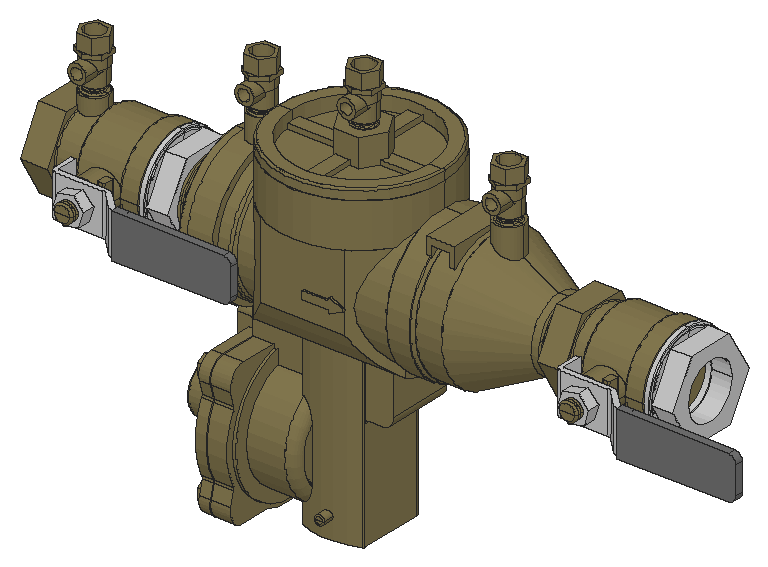
Revit family "FRP1.50-QT-LL 1.50in FRP", category Plumbing Fixtures, Revit 2018
Family settings
  Round Connector Dimension = Use Diameter
  Part Type = Normal
  Work Plane-Based = No
  Always vertical = Yes
  Cut with Voids When Loaded = No
  Shared = No
  Room Calculation Point = No
Parameters (values of type "FRP1.50-QT-LL 1.50in FRP")
  URL = "WWW.MIFAB.COM"
  Model = "FRP1.50-QT-LL 1.50in FRP"
  Manufacturer = "MIFAB"
  Description = "FRIENDLY REDUCED PRESSURE ZONE BACKFLOW 1/2” TO 2” -LL"
Reference planes (in)
  plane 1 "Center (Front/Back)": y = 0
  plane 2: z = 0
  plane 3 "Center (Left/Right)": x = 0
  plane 4: x = -2.105
  plane 5: z = 4.215
Forms (in)
  Revolve 1, solid, material "B Material"
    sketch origin (-1.73533, 0, 3.31709) x (1, 0, 0) y (0, 0, 1)
      loop
        line (-4.5376, 4.275) -> (-4.16181, 4.275) -> (-4.15731, 4.75224) -> (-4.17645, 4.78287) -> (-4.21287, 4.78322) -> (-4.26872, 4.80245) -> (-4.30895, 4.83276) -> (-4.26595, 4.85963) -> (-4.30603, 4.88983) -> (-4.26683, 4.91068) -> (-4.26683, 4.94983)
        arc (-4.26683, 4.94983) -> (-4.26109, 4.96367) -> (-4.24724, 4.96941) r 0.01958
        line (-4.24724, 4.96941) -> (-4.20226, 4.96941) -> (-4.20226, 5.40248) -> (-4.5376, 5.40248) -> (-4.5376, 4.275)
      axis (-4.5376, 4.275) -> (-4.5376, 5.40248)
    angle from 0 to 360
  Extrusion 2, solid, material "B Material"
    sketch origin (-2.85617, -3.40993, -0.65383) x (0, -1, 0) y (1, 0, 0)
      loop
        line (-2.97692, -3.41676) -> (-3.19343, -3.04176) -> (-3.62644, -3.04176) -> (-3.84295, -3.41676) -> (-3.62644, -3.79176) -> (-3.19343, -3.79176) -> (-2.97692, -3.41676)
    from 9.64899 to 9.7671
  Extrusion 3, solid, material "B Material"
    sketch origin (-4.67033, 0, 2.81913) x (1, 0, 0) y (0, 0, 1)
      loop
        circle (-1.598, 5.8905) r 0.16
      loop
        circle (-1.598, 5.8905) r 0.25
    from 0 to 0.6
  Revolve 4, solid, material "B Material"
    sketch origin (0.93299, 0, 0.25) x (1, 0, 0) y (0, 0, 1)
      loop
        line (5.89608, 6.3545) -> (-3.42499, 6.3545) -> (-3.42499, 4.46558)
        arc (-3.42499, 4.46558) -> (-3.41525, 4.44117) -> (-3.39138, 4.43016) r 0.03547
        line (-3.39138, 4.43016) -> (-3.18799, 4.4195) -> (-2.51799, 4.4195) -> (-2.51799, 4.59681) -> (-2.18879, 4.59681)
        arc (-2.18879, 4.59681) -> (-2.14596, 4.60613) -> (-2.11086, 4.63241) r 0.10309
        line (-2.11086, 4.63241) -> (-2.05692, 4.69468) -> (-1.5701, 4.69468) -> (0.32398, 4.69468) -> (0.32398, 4.5045) -> (2.10201, 4.5045) -> (2.18701, 4.4195) -> (2.79575, 4.4195)
        arc (2.79575, 4.4195) -> (2.81077, 4.42249) -> (2.82351, 4.431) r 0.03927
        line (2.82351, 4.431) -> (2.88445, 4.49194)
        arc (2.88445, 4.49194) -> (2.89836, 4.50124) -> (2.91478, 4.5045) r 0.04289
        line (2.91478, 4.5045) -> (3.59901, 4.5045) -> (5.28488, 5.3877) -> (5.50558, 5.3946) -> (5.53065, 5.43042) -> (5.56694, 5.43042) -> (5.60513, 5.49656) -> (5.64808, 5.43042) -> (5.68815, 5.49981) -> (5.73081, 5.43411) -> (5.77049, 5.50285) -> (5.80524, 5.44016) -> (5.8392, 5.49897) -> (5.87104, 5.44154) -> (5.89608, 5.46658) -> (5.89608, 6.3545)
      axis (-3.42499, 6.3545) -> (5.89608, 6.3545)
    angle from 0 to 360
  Revolve 5, solid, material "B Material"
    sketch origin (0.52094, 0, 2.95442) x (1, 0, 0) y (0, 0, 1)
      loop
        line (2.62181, 6.21908) -> (2.56191, 6.21908) -> (2.61506, 6.23332) -> (2.6112, 6.45411)
        arc (2.6112, 6.45411) -> (2.596, 6.4895) -> (2.56036, 6.50408) r 0.05085
        line (2.56036, 6.50408) -> (2.22181, 6.50408) -> (2.22181, 6.13408) -> (0.3661, 6.13408) -> (0.3661, 5.02437) -> (2.62181, 5.02437) -> (2.62181, 6.21908)
      axis (0.3661, 6.50408) -> (0.3661, 5.02437)
    angle from 0 to 360
  Extrusion 6, solid, material "B Material"
    sketch origin (-0.15214, -3.41032, 1.84939) x (0, -1, 0) y (1, 0, 0)
      loop
        arc (-1.56659, 0.8287) -> (-1.55469, 1.02175) -> (-1.56296, 1.215) r 1.85571
        line (-1.56296, 1.215) -> (-3.21737, 1.215) -> (-3.21737, 2.87511)
        arc (-3.21737, 2.87511) -> (-3.41068, 2.89489) -> (-3.60368, 2.87228) r 0.89068
        line (-3.60368, 2.87228) -> (-3.60368, 1.21434) -> (-5.25774, 1.21434)
        arc (-5.25774, 1.21434) -> (-5.26594, 1.02142) -> (-5.25405, 0.8287) r 1.85571
        line (-5.25405, 0.8287) -> (-3.60368, 0.8287) -> (-3.60368, -0.80642)
        arc (-3.60368, -0.80642) -> (-3.41053, -0.81653) -> (-3.21737, -0.80647) r 1.85571
        line (-3.21737, -0.80647) -> (-3.21737, 0.8287) -> (-1.56659, 0.8287)
    from 7.37052 to 7.23911
  Revolve 7, solid, material "B Material"
    sketch origin (-0.53327, 0, 2.6395) x (1, 0, 0) y (0, 0, 1)
      loop
        line (-2.64921, 4.88388) -> (-2.67881, 4.91675) -> (-2.70959, 4.88162) -> (-2.73919, 4.91449) -> (-2.77125, 4.87645) -> (-2.80371, 4.9125) -> (-2.85618, 4.85026) -> (-2.90243, 4.90163) -> (-2.94123, 4.8556) -> (-2.94123, 3.965) -> (-2.15654, 3.965) -> (-2.15654, 5.03864)
        arc (-2.15654, 5.03864) -> (-2.16641, 5.01429) -> (-2.19045, 5.00366) r 0.035
        line (-2.19045, 5.00366) -> (-2.49293, 4.99421) -> (-2.54895, 4.93819) -> (-2.58284, 4.87948) -> (-2.61843, 4.919) -> (-2.64921, 4.88388)
      axis (-2.94123, 3.965) -> (-2.15654, 3.965)
    angle from 0 to 360
  Extrusion 8, solid, material "B Material"
    sketch origin (2.385, 0, 3.609) x (1, 0, 0) y (0, 0, 1)
      loop
        arc (1.235, 4.223) -> (1.23886, 4.17689) -> (1.25032, 4.13206) r 0.27759
        arc (1.25032, 4.13206) -> (1.261, 4.1178) -> (1.27797, 4.11238) r 0.02927
        line (1.27797, 4.11238) -> (1.32914, 4.11238)
        arc (1.32914, 4.11238) -> (1.34656, 4.11795) -> (1.3575, 4.1326) r 0.02999
        arc (1.3575, 4.1326) -> (1.36712, 4.16798) -> (1.372, 4.20433) r 0.27759
        line (1.372, 4.20433) -> (1.372, 4.76148) -> (1.848, 4.76148) -> (1.848, 4.20433)
        arc (1.848, 4.20433) -> (1.85288, 4.16798) -> (1.8625, 4.1326) r 0.27759
        arc (1.8625, 4.1326) -> (1.87344, 4.11795) -> (1.89086, 4.11238) r 0.02999
        line (1.89086, 4.11238) -> (1.94611, 4.11238)
        arc (1.94611, 4.11238) -> (1.96081, 4.11771) -> (1.96865, 4.13124) r 0.02289
        arc (1.96865, 4.13124) -> (1.97323, 4.16056) -> (1.97652, 4.19006) r 0.6798
        arc (1.97652, 4.19006) -> (1.98288, 4.26287) -> (1.985, 4.33592) r 1.25932
        line (1.985, 4.33592) -> (1.985, 4.9505) -> (1.235, 4.9505) -> (1.235, 4.223)
    from -1.2 to 1.2
  Extrusion 9, solid, material "B Material"
    sketch origin (0, 0, 0) x (0, 1, 0) y (0, 0, 1)
      loop
        line (1.14998, 1.47142) -> (1.2937, 2.0078)
        arc (1.2937, 2.0078) -> (1.30008, 2.03987) -> (1.30222, 2.0725) r 0.25
        arc (1.30222, 2.0725) -> (1.25056, 2.22469) -> (1.11693, 2.31398) r 0.25
        line (1.11693, 2.31398) -> (0.58055, 2.4577)
        arc (0.58055, 2.4577) -> (0.45959, 2.51917) -> (0.33222, 2.56597) r 1.15
        arc (0.33222, 2.56597) -> (0.2283, 2.63974) -> (0.19004, 2.76132) r 0.2
        arc (0.19004, 2.76132) -> (0, 2.955) -> (-0.18996, 2.76132) r 0.19
        arc (-0.18996, 2.76132) -> (-0.2283, 2.63974) -> (-0.33222, 2.56597) r 0.2
        arc (-0.33222, 2.56597) -> (-0.45959, 2.51917) -> (-0.58055, 2.4577) r 1.15
        line (-0.58055, 2.4577) -> (-1.11693, 2.31398)
        arc (-1.11693, 2.31398) -> (-1.26873, 2.1975) -> (-1.2937, 2.0078) r 0.25
        line (-1.2937, 2.0078) -> (-1.14998, 1.47142)
        arc (-1.14998, 1.47142) -> (-0.99593, 0.89) -> (-0.56943, 0.46587) r 1.15
        line (-0.56943, 0.46587) -> (-0.17678, 0.07322)
        arc (-0.17678, 0.07322) -> (0, 0) -> (0.17678, 0.07322) r 0.25
        line (0.17678, 0.07322) -> (0.56943, 0.46587)
        arc (0.56943, 0.46587) -> (0.99593, 0.89) -> (1.14998, 1.47142) r 1.15
    from -1.989 to -1.699
  Extrusion 10, solid, material "B Material"
    sketch origin (-3.378, 0, 0) x (0, 1, 0) y (0, 0, -1)
      loop
        arc (1.14998, -1.47142) -> (0.99593, -0.89) -> (0.56943, -0.46587) r 1.15
        line (0.56943, -0.46587) -> (0.17678, -0.07322)
        arc (0.17678, -0.07322) -> (0, 0) -> (-0.17678, -0.07322) r 0.25
        line (-0.17678, -0.07322) -> (-0.56943, -0.46587)
        arc (-0.56943, -0.46587) -> (-0.99593, -0.89) -> (-1.14998, -1.47142) r 1.15
        line (-1.14998, -1.47142) -> (-1.2937, -2.0078)
        arc (-1.2937, -2.0078) -> (-1.26873, -2.1975) -> (-1.11693, -2.31398) r 0.25
        line (-1.11693, -2.31398) -> (-0.58055, -2.4577)
        arc (-0.58055, -2.4577) -> (-0.45959, -2.51917) -> (-0.33222, -2.56597) r 1.15
        arc (-0.33222, -2.56597) -> (-0.2283, -2.63974) -> (-0.18996, -2.76132) r 0.2
        arc (-0.18996, -2.76132) -> (0, -2.955) -> (0.19004, -2.76132) r 0.19
        arc (0.19004, -2.76132) -> (0.2283, -2.63974) -> (0.33222, -2.56597) r 0.2
        arc (0.33222, -2.56597) -> (0.45959, -2.51917) -> (0.58055, -2.4577) r 1.15
        line (0.58055, -2.4577) -> (1.11693, -2.31398)
        arc (1.11693, -2.31398) -> (1.25056, -2.22469) -> (1.30222, -2.0725) r 0.25
        arc (1.30222, -2.0725) -> (1.30008, -2.03987) -> (1.2937, -2.0078) r 0.25
        line (1.2937, -2.0078) -> (1.14998, -1.47142)
    from -1.98935 to -1.689
  Revolve 11, solid, material "B Material"
    sketch origin (0, 0, 0) x (1, 0, 0) y (0, 0, 1)
      loop
        line (-3.205, 2.0675) -> (-3.205, 1.39184)
        arc (-3.205, 1.39184) -> (-3.1906, 1.35665) -> (-3.15567, 1.34164) r 0.05021
        line (-3.15567, 1.34164) -> (-2.21487, 1.32522)
        arc (-2.21487, 1.32522) -> (-2.17955, 1.31004) -> (-2.165, 1.27447) r 0.05076
        line (-2.165, 1.27447) -> (-2.165, 0.48772)
        arc (-2.165, 0.48772) -> (-2.14998, 0.45147) -> (-2.11373, 0.43645) r 0.05127
        line (-2.11373, 0.43645) -> (-1.905, 0.43645) -> (-1.905, 2.0675) -> (-3.205, 2.0675)
      axis (-1.905, 2.0675) -> (-3.205, 2.0675)
    angle from 0 to 360
  Extrusion 12, solid, material "B Material"
    sketch origin (0, 0, 0) x (0, 1, 0) y (0, 0, 1)
      loop
        line (0.19, 2.33146) -> (0.19, 2.76414)
        arc (0.19, 2.76414) -> (0, 2.95414) -> (-0.19, 2.76414) r 0.19
        line (-0.19, 2.76414) -> (-0.19, 2.33175)
        arc (-0.19, 2.33175) -> (-0.18414, 2.31761) -> (-0.17, 2.31175) r 0.02
        line (-0.17, 2.31175) -> (0.17029, 2.31175)
        arc (0.17029, 2.31175) -> (0.18423, 2.31753) -> (0.19, 2.33146) r 0.01971
    from -2.214 to -1.989
  Extrusion 13, void
    sketch origin (0, 0, 0) x (1, 0, 0) y (0, 0, 1)
      loop
        line (-2.16498, 2.30688) -> (-2.22823, 2.37012) -> (-2.22823, 2.30688) -> (-2.16498, 2.30688)
    from -0.22141 to 0.2264
  Extrusion 14, solid, material "B Material"
    sketch origin (0, 0, 0) x (0, 1, 0) y (0, 0, 1)
      loop
        line (0.87239, 2.05794) -> (0.97491, 1.90948) -> (1.15475, 1.92404) -> (1.23205, 2.08706) -> (1.12953, 2.23552) -> (0.9497, 2.22096) -> (0.87239, 2.05794)
      loop
        line (-0.87562, 2.03557) -> (-0.93194, 2.20698) -> (-1.10854, 2.24391) -> (-1.22882, 2.10943) -> (-1.1725, 1.93802) -> (-0.9959, 1.90109) -> (-0.87562, 2.03557)
      loop
        line (0.18022, 0.24154) -> (0.09744, 0.40185) -> (-0.08279, 0.41031) -> (-0.18022, 0.25846) -> (-0.09744, 0.09815) -> (0.08279, 0.08969) -> (0.18022, 0.24154)
    from -2.105 to -1.989
  Revolve 15, solid, material "B Material"
    sketch origin (0, 1.05372, 0) x (1, 0, 0) y (0, 0, 1)
      loop
        line (-1.364, 2.07317) -> (-1.989, 2.07317) -> (-1.989, 1.97673) -> (-1.39602, 1.97673) -> (-1.364, 2.00875) -> (-1.364, 2.07317)
      axis (-1.989, 2.07317) -> (-1.364, 2.07317)
    angle from 0 to 360
  Revolve 16, solid, material "B Material"
    sketch origin (0, -1.05667, 0) x (1, 0, 0) y (0, 0, 1)
      loop
        line (-1.364, 2.07317) -> (-1.989, 2.07317) -> (-1.989, 1.97673) -> (-1.39602, 1.97673) -> (-1.364, 2.00875) -> (-1.364, 2.07317)
      axis (-1.989, 2.07317) -> (-1.364, 2.07317)
    angle from 0 to 360
  Revolve 17, solid, material "B Material"
    sketch origin (0, 0, -1.8224) x (1, 0, 0) y (0, 0, 1)
      loop
        line (-1.364, 2.07317) -> (-1.989, 2.07317) -> (-1.989, 1.97673) -> (-1.39602, 1.97673) -> (-1.364, 2.00875) -> (-1.364, 2.07317)
      axis (-1.989, 2.07317) -> (-1.364, 2.07317)
    angle from 0 to 360
  Revolve 18, solid, material "B Material"
    sketch origin (4.23795, 0, -0.62357) x (1, 0, 0) y (0, 0, 1)
      loop
        line (-5.19295, 4.25641) -> (-5.19295, 4.61107) -> (-5.29295, 4.61107) -> (-5.29295, 2.69107) -> (-3.85779, 2.69107) -> (-3.85779, 3.95888)
        arc (-3.85779, 3.95888) -> (-3.94494, 4.16927) -> (-4.15533, 4.25641) r 0.29753
        line (-4.15533, 4.25641) -> (-5.19295, 4.25641)
      axis (-3.85779, 2.69107) -> (-5.29295, 2.69107)
    angle from 0 to 360
  Extrusion 19, solid, material "B Material"
    sketch origin (4.23795, 0, -0.62357) x (1, 0, 0) y (0, 0, 1)
      loop
        line (-1.75795, 5.3787) -> (-2.54295, 5.3787) -> (-2.54295, 3.83307)
        arc (-2.54295, 3.83307) -> (-2.51366, 3.90378) -> (-2.44295, 3.93307) r 0.1
        line (-2.44295, 3.93307) -> (-2.07155, 3.93307)
        arc (-2.07155, 3.93307) -> (-1.8498, 4.02492) -> (-1.75795, 4.24667) r 0.3136
        line (-1.75795, 4.24667) -> (-1.75795, 5.3787)
    from -0.87239 to 0.87562
  Revolve 20, solid, material "B Material"
    sketch origin (-13.39364, -0.28125, 0.80481) x (1, 0, 0) y (0, 1, 0)
      loop
        line (14.25427, -1.09549) -> (14.35827, -1.09549)
        arc (14.35827, -1.09549) -> (14.37312, -1.08934) -> (14.37927, -1.07449) r 0.021
        line (14.37927, -1.07449) -> (14.37927, -0.79317) -> (14.25427, -0.79317) -> (14.25427, -1.09549)
      loop
        line (14.25427, 1.64201) -> (14.25427, 1.33969) -> (14.37927, 1.33969) -> (14.37927, 1.621)
        arc (14.37927, 1.621) -> (14.37312, 1.63586) -> (14.35827, 1.64201) r 0.021
        line (14.35827, 1.64201) -> (14.25427, 1.64201)
      axis (14.25427, 1.64201) -> (14.25427, -1.09549)
    angle from 0 to 360
  Extrusion 21, solid, material "B Material"
    sketch origin (4.23795, 0, -0.62357) x (1, 0, 0) y (0, 0, 1)
      loop
        line (-4.19296, 4.17214) -> (-4.19296, 5.22272) -> (-5.36189, 5.22272) -> (-5.36189, 5.63619) -> (-5.39578, 5.63619) -> (-5.47111, 5.54953)
        arc (-5.47111, 5.54953) -> (-5.48452, 5.53951) -> (-5.50088, 5.53596) r 0.03944
        line (-5.50088, 5.53596) -> (-5.84295, 5.53596) -> (-5.84295, 4.63107) -> (-5.29295, 4.63107) -> (-5.29295, 4.17214) -> (-4.19296, 4.17214)
    from -0.5 to 0.50553
  Revolve 22, solid, material "B Material"
    sketch origin (-1.73533, 0, 3.31709) x (1, 0, 0) y (0, 0, 1)
      loop
        line (-4.5376, 5.40248) -> (-4.18257, 5.40248) -> (-4.18257, 5.67807) -> (-4.5376, 5.67807) -> (-4.5376, 5.40248)
      axis (-4.5376, 5.40248) -> (-4.5376, 5.67807)
    angle from 0 to 360
  Extrusion 23, solid, material "B Material"
    sketch origin (-2.85617, -3.40993, -0.65383) x (0, -1, 0) y (1, 0, 0)
      loop
        line (-3.40993, -3.00627) -> (-3.76521, -3.21139) -> (-3.76521, -3.62163) -> (-3.40993, -3.82676) -> (-3.05465, -3.62163) -> (-3.05465, -3.21139) -> (-3.40993, -3.00627)
      loop
        circle (-3.40993, -3.41651) r 0.28174
    from 9.7671 to 10.17262
  Revolve 24, solid, material "B Material"
    sketch origin (2.76111, 0, 4.38716) x (1, 0, 0) y (0, 0, 1)
      loop
        line (-4.5376, 3.86507) -> (-4.17034, 3.86507) -> (-4.17034, 4.78634) -> (-4.22194, 4.78634) -> (-4.26872, 4.80245) -> (-4.30895, 4.83276) -> (-4.26595, 4.85963) -> (-4.30603, 4.88983) -> (-4.26683, 4.91068) -> (-4.26683, 4.94983)
        arc (-4.26683, 4.94983) -> (-4.26109, 4.96367) -> (-4.24724, 4.96941) r 0.01958
        line (-4.24724, 4.96941) -> (-4.20226, 4.96941) -> (-4.20226, 5.40248) -> (-4.5376, 5.40248) -> (-4.5376, 3.86507)
      axis (-4.5376, 3.86507) -> (-4.5376, 5.40248)
    angle from 0 to 360
  Extrusion 25, solid, material "B Material"
    sketch origin (1.64026, -3.40993, 0.41624) x (0, -1, 0) y (1, 0, 0)
      loop
        line (-2.97692, -3.41676) -> (-3.19343, -3.04176) -> (-3.62644, -3.04176) -> (-3.84295, -3.41676) -> (-3.62644, -3.79176) -> (-3.19343, -3.79176) -> (-2.97692, -3.41676)
    from 9.64899 to 9.7671
  Extrusion 26, solid, material "B Material"
    sketch origin (-0.17389, 0, 3.88921) x (1, 0, 0) y (0, 0, 1)
      loop
        circle (-1.598, 5.8905) r 0.16
      loop
        circle (-1.598, 5.8905) r 0.25
    from 0 to 0.6
  Revolve 27, solid, material "B Material"
    sketch origin (2.76111, 0, 4.38716) x (1, 0, 0) y (0, 0, 1)
      loop
        line (-4.5376, 5.40248) -> (-4.18257, 5.40248) -> (-4.18257, 5.67807) -> (-4.5376, 5.67807) -> (-4.5376, 5.40248)
      axis (-4.5376, 5.40248) -> (-4.5376, 5.67807)
    angle from 0 to 360
  Extrusion 28, solid, material "B Material"
    sketch origin (1.64026, -3.40993, 0.41624) x (0, -1, 0) y (1, 0, 0)
      loop
        line (-3.40993, -3.00627) -> (-3.76521, -3.21139) -> (-3.76521, -3.62163) -> (-3.40993, -3.82676) -> (-3.05465, -3.62163) -> (-3.05465, -3.21139) -> (-3.40993, -3.00627)
      loop
        circle (-3.40993, -3.41651) r 0.28
    from 9.7671 to 10.17262
  Revolve 29, solid, material "B Material"
    sketch origin (5.51276, 0, 5.05216) x (1, 0, 0) y (0, 0, 1)
      loop
        line (-4.5376, 4.275) -> (-4.22194, 4.275) -> (-4.22194, 4.78634) -> (-4.26872, 4.80245) -> (-4.30895, 4.83276) -> (-4.26595, 4.85963) -> (-4.30603, 4.88983) -> (-4.26461, 4.91185)
        arc (-4.26461, 4.91185) -> (-4.26399, 4.93106) -> (-4.24724, 4.94048) r 0.01958
        line (-4.24724, 4.94048) -> (-4.20226, 4.94048) -> (-4.20226, 5.40248) -> (-4.5376, 5.40248) -> (-4.5376, 4.275)
      axis (-4.5376, 4.275) -> (-4.5376, 5.40248)
    angle from 0 to 360
  Extrusion 30, solid, material "B Material"
    sketch origin (4.39192, -3.40993, 1.08124) x (0, -1, 0) y (1, 0, 0)
      loop
        line (-2.97692, -3.41676) -> (-3.19343, -3.04176) -> (-3.62644, -3.04176) -> (-3.84295, -3.41676) -> (-3.62644, -3.79176) -> (-3.19343, -3.79176) -> (-2.97692, -3.41676)
    from 9.62474 to 9.74442
  Extrusion 31, solid, material "B Material"
    sketch origin (2.57776, 0, 4.52686) x (1, 0, 0) y (0, 0, 1)
      loop
        circle (-1.598, 5.8905) r 0.16
      loop
        circle (-1.598, 5.8905) r 0.25
    from 0 to 0.6
  Revolve 32, solid, material "B Material"
    sketch origin (5.51276, 0, 5.05216) x (1, 0, 0) y (0, 0, 1)
      loop
        line (-4.5376, 5.40248) -> (-4.18257, 5.40248) -> (-4.18257, 5.67807) -> (-4.5376, 5.67807) -> (-4.5376, 5.40248)
      axis (-4.5376, 5.40248) -> (-4.5376, 5.67807)
    angle from 0 to 360
  Extrusion 33, solid, material "B Material"
    sketch origin (4.39192, -3.40993, 1.08124) x (0, -1, 0) y (1, 0, 0)
      loop
        line (-3.40993, -3.00627) -> (-3.76521, -3.21139) -> (-3.76521, -3.62163) -> (-3.40993, -3.82676) -> (-3.05465, -3.62163) -> (-3.05465, -3.21139) -> (-3.40993, -3.00627)
      loop
        circle (-3.40993, -3.41651) r 0.28
    from 9.74442 to 10.14899
  Revolve 34, solid, material "B Material"
    sketch origin (9.40736, 0, 4.09216) x (1, 0, 0) y (0, 0, 1)
      loop
        line (-4.5376, 3.95036) -> (-4.14286, 3.95036) -> (-4.14286, 4.78634) -> (-4.22194, 4.78634) -> (-4.26872, 4.80245) -> (-4.30895, 4.83276) -> (-4.26595, 4.85963) -> (-4.30603, 4.88983) -> (-4.26683, 4.91068) -> (-4.26683, 4.94983)
        arc (-4.26683, 4.94983) -> (-4.26109, 4.96367) -> (-4.24724, 4.96941) r 0.01958
        line (-4.24724, 4.96941) -> (-4.20226, 4.96941) -> (-4.20226, 5.40248) -> (-4.5376, 5.40248) -> (-4.5376, 3.95036)
      axis (-4.5376, 3.95036) -> (-4.5376, 5.40248)
    angle from 0 to 360
  Extrusion 35, solid, material "B Material"
    sketch origin (8.28651, -3.40993, 0.12124) x (0, -1, 0) y (1, 0, 0)
      loop
        line (-2.97692, -3.41676) -> (-3.19343, -3.04176) -> (-3.62644, -3.04176) -> (-3.84295, -3.41676) -> (-3.62644, -3.79176) -> (-3.19343, -3.79176) -> (-2.97692, -3.41676)
    from 9.64899 to 9.7671
  Extrusion 36, solid, material "B Material"
    sketch origin (6.47236, 0, 3.59421) x (1, 0, 0) y (0, 0, 1)
      loop
        circle (-1.598, 5.8905) r 0.16
      loop
        circle (-1.598, 5.8905) r 0.25
    from 0 to 0.6
  Revolve 37, solid, material "B Material"
    sketch origin (9.40736, 0, 4.09216) x (1, 0, 0) y (0, 0, 1)
      loop
        line (-4.5376, 5.40248) -> (-4.18257, 5.40248) -> (-4.18257, 5.67807) -> (-4.5376, 5.67807) -> (-4.5376, 5.40248)
      axis (-4.5376, 5.40248) -> (-4.5376, 5.67807)
    angle from 0 to 360
  Extrusion 38, solid, material "B Material"
    sketch origin (8.28651, -3.40993, 0.12124) x (0, -1, 0) y (1, 0, 0)
      loop
        line (-3.40993, -3.00627) -> (-3.76521, -3.21139) -> (-3.76521, -3.62163) -> (-3.40993, -3.82676) -> (-3.05465, -3.62163) -> (-3.05465, -3.21139) -> (-3.40993, -3.00627)
      loop
        circle (-3.40993, -3.41651) r 0.28
    from 9.7671 to 10.17262
  Extrusion 39, solid, material "B Material"
    sketch origin (0.09317, -19.93445, -5.43334) x (1, 0, 0) y (0, 1, 0)
      loop
        line (0.20204, 19.93445) -> (0.53988, 19.34931) -> (1.21554, 19.34931) -> (1.55337, 19.93445) -> (1.21554, 20.51959) -> (0.53988, 20.51959) -> (0.20204, 19.93445)
    from 14.52184 to 15.27184
  Extrusion 40, solid, material "B Material"
    sketch origin (-7.80113, 19.47483, 0) x (0, -1, 0) y (0, 0, 1)
      loop
        line (19.42249, 4.0075) -> (17.96548, 4.0075)
        arc (17.96548, 4.0075) -> (17.61878, 3.83653) -> (17.54336, 3.45739) r 0.43701
        line (17.54336, 3.45739) -> (17.64321, 3.08473)
        arc (17.64321, 3.08473) -> (17.64606, 3.04829) -> (17.63561, 3.01326) r 0.09994
        arc (17.63561, 3.01326) -> (17.40723, 2.06674) -> (17.6363, 1.12038) r 2.0725
        arc (17.6363, 1.12038) -> (17.64635, 1.08678) -> (17.64363, 1.05181) r 0.0958
        line (17.64363, 1.05181) -> (17.54373, 0.67898)
        arc (17.54373, 0.67898) -> (17.61933, 0.2989) -> (17.96689, 0.1275) r 0.43809
        line (17.96689, 0.1275) -> (18.7473, 0.1275)
        arc (18.7473, 0.1275) -> (19.47973, -0.005) -> (20.21216, 0.1275) r 2.09061
        line (20.21216, 0.1275) -> (20.99257, 0.1275)
        arc (20.99257, 0.1275) -> (21.34013, 0.2989) -> (21.41573, 0.67898) r 0.43809
        line (21.41573, 0.67898) -> (21.31583, 1.05181)
        arc (21.31583, 1.05181) -> (21.31311, 1.08678) -> (21.32316, 1.12038) r 0.0958
        arc (21.32316, 1.12038) -> (21.55223, 2.06674) -> (21.32385, 3.01326) r 2.0725
        arc (21.32385, 3.01326) -> (21.3134, 3.04829) -> (21.31625, 3.08473) r 0.09994
        line (21.31625, 3.08473) -> (21.4161, 3.45739)
        arc (21.4161, 3.45739) -> (21.34069, 3.83653) -> (20.99399, 4.0075) r 0.43701
        line (20.99399, 4.0075) -> (19.42249, 4.0075)
    from -6.19613 to -5.89613
  Extrusion 41, solid, material "B Material"
    sketch origin (-7.80113, 19.42249, 0) x (0, -1, 0) y (0, 0, 1)
      loop
        line (21.17249, 3.71684) -> (20.92249, 3.86118) -> (20.67249, 3.71684) -> (20.67249, 3.42816) -> (20.92249, 3.28382) -> (21.17249, 3.42816) -> (21.17249, 3.71684)
      loop
        line (21.17249, 0.71684) -> (20.92249, 0.86118) -> (20.67249, 0.71684) -> (20.67249, 0.42816) -> (20.92249, 0.28382) -> (21.17249, 0.42816) -> (21.17249, 0.71684)
      loop
        line (18.17249, 0.71684) -> (17.92249, 0.86118) -> (17.67249, 0.71684) -> (17.67249, 0.42816) -> (17.92249, 0.28382) -> (18.17249, 0.42816) -> (18.17249, 0.71684)
      loop
        line (18.1574, 3.71723) -> (17.9074, 3.86157) -> (17.6574, 3.71723) -> (17.6574, 3.42856) -> (17.9074, 3.28422) -> (18.1574, 3.42856) -> (18.1574, 3.71723)
    from -5.89613 to -5.69613
  Extrusion 42, solid, material "B Material"
    sketch origin (4.59113, 19.47483, 0) x (0, -1, 0) y (0, 0, -1)
      loop
        line (19.42249, -4.0075) -> (20.99399, -4.0075)
        arc (20.99399, -4.0075) -> (21.34069, -3.83653) -> (21.4161, -3.45739) r 0.43701
        line (21.4161, -3.45739) -> (21.31625, -3.08473)
        arc (21.31625, -3.08473) -> (21.3134, -3.04829) -> (21.32385, -3.01326) r 0.09994
        arc (21.32385, -3.01326) -> (21.55223, -2.06674) -> (21.32316, -1.12038) r 2.0725
        arc (21.32316, -1.12038) -> (21.31311, -1.08678) -> (21.31583, -1.05181) r 0.0958
        line (21.31583, -1.05181) -> (21.41573, -0.67898)
        arc (21.41573, -0.67898) -> (21.34013, -0.2989) -> (20.99257, -0.1275) r 0.43809
        line (20.99257, -0.1275) -> (20.21216, -0.1275)
        arc (20.21216, -0.1275) -> (19.47973, 0.005) -> (18.7473, -0.1275) r 2.09061
        line (18.7473, -0.1275) -> (17.96689, -0.1275)
        arc (17.96689, -0.1275) -> (17.61933, -0.2989) -> (17.54373, -0.67898) r 0.43809
        line (17.54373, -0.67898) -> (17.64363, -1.05181)
        arc (17.64363, -1.05181) -> (17.64635, -1.08678) -> (17.6363, -1.12038) r 0.0958
        arc (17.6363, -1.12038) -> (17.40723, -2.06674) -> (17.63561, -3.01326) r 2.0725
        arc (17.63561, -3.01326) -> (17.64606, -3.04829) -> (17.64321, -3.08473) r 0.09994
        line (17.64321, -3.08473) -> (17.54336, -3.45739)
        arc (17.54336, -3.45739) -> (17.61878, -3.83653) -> (17.96548, -4.0075) r 0.43701
        line (17.96548, -4.0075) -> (19.42249, -4.0075)
    from -6.19613 to -5.64613
  Extrusion 43, solid, material "B Material"
    sketch origin (0, 0, 0) x (0, 1, 0) y (0, 0, 1)
      loop
        line (1.95, 5.90019) -> (1.95, 7.9788) -> (-1.95, 7.9788) -> (-1.95, 5.90019)
        arc (-1.95, 5.90019) -> (-1.21919, 4.93045) -> (-0.07085, 4.53571) r 2.075
        arc (-0.07085, 4.53571) -> (1.16114, 4.8898) -> (1.95, 5.90019) r 2.075
    from -1.12393 to 2.88999
  Extrusion 44, void
    sketch origin (0, 0, 0) x (1, 0, 0) y (0, 1, 0)
      loop
        circle (0.88704, 0) r 2.25571
      loop
        line (-1.71316, 3.18776) -> (-1.71316, -2.81224) -> (3.53684, -2.81224) -> (3.53684, 3.18776) -> (-1.71316, 3.18776)
    from 4.41339 to 12
  Extrusion 45, solid, material "B Material"
    sketch origin (0, 0, 0) x (0, 1, 0) y (0, 0, 1)
      loop
        line (1.39979, 7.41767) -> (0, 8.22584) -> (-1.39979, 7.41767) -> (-1.39979, 5.80133) -> (0, 4.99316) -> (1.39979, 5.80133) -> (1.39979, 7.41767)
    from -2.492 to -2.68981
  Extrusion 46, solid, material "B Material"
    sketch origin (0, -6.32122, -2.32671) x (0, -1, 0) y (1, 0, 0)
      loop
        arc (-5.40721, 1.66561) -> (-5.42599, 1.68703) -> (-5.45333, 1.695) r 0.05088
        line (-5.45333, 1.695) -> (-7.18904, 1.695)
        arc (-7.18904, 1.695) -> (-7.21643, 1.68701) -> (-7.23524, 1.66556) r 0.05097
        arc (-7.23524, 1.66556) -> (-7.41372, 0.85986) -> (-7.23513, 0.0542) r 1.90722
        arc (-7.23513, 0.0542) -> (-7.21647, 0.03292) -> (-7.18931, 0.025) r 0.05056
        line (-7.18931, 0.025) -> (-5.45419, 0.025)
        arc (-5.45419, 0.025) -> (-5.42611, 0.03319) -> (-5.40684, 0.05519) r 0.05223
        arc (-5.40684, 0.05519) -> (-5.22872, 0.86044) -> (-5.40721, 1.66561) r 1.90722
      loop
        line (-5.57506, 1.46) -> (-7.06737, 1.46)
        arc (-7.06737, 1.46) -> (-7.17866, 0.87335) -> (-7.07675, 0.285) r 1.67222
        line (-7.07675, 0.285) -> (-5.56568, 0.285)
        arc (-5.56568, 0.285) -> (-5.46377, 0.87335) -> (-5.57506, 1.46) r 1.67222
    from 2.56121 to 7.57671
  Extrusion 47, solid, material "B Material"
    sketch origin (0, 0, 0) x (0, 1, 0) y (0, 0, 1)
      loop
        line (-0.25, 4.2725) -> (-0.25, 3.68408)
        arc (-0.25, 3.68408) -> (0, 3.70336) -> (0.25, 3.68408) r 1.63086
        line (0.25, 3.68408) -> (0.25, 4.2725)
        arc (0.25, 4.2725) -> (0, 4.5225) -> (-0.25, 4.2725) r 0.25
    from -2.219 to -1.585
  Extrusion 48, solid, material "B Material"
    sketch origin (0.57425, 0, 2.5195) x (1, 0, 0) y (0, 0, 1)
      loop
        line (1.0565, 4.125) -> (0.3515, 4.125)
        arc (0.3515, 4.125) -> (0.33736, 4.11914) -> (0.3315, 4.105) r 0.02
        line (0.3315, 4.105) -> (0.3315, 3.925)
        arc (0.3315, 3.925) -> (0.33736, 3.91086) -> (0.3515, 3.905) r 0.02
        line (0.3515, 3.905) -> (1.0565, 3.905) -> (1.0565, 3.84323)
        arc (1.0565, 3.84323) -> (1.06585, 3.82646) -> (1.08505, 3.82559) r 0.01972
        line (1.08505, 3.82559) -> (1.42792, 3.99703)
        arc (1.42792, 3.99703) -> (1.43903, 4.015) -> (1.42792, 4.03297) r 0.02009
        line (1.42792, 4.03297) -> (1.08561, 4.20412)
        arc (1.08561, 4.20412) -> (1.06604, 4.20324) -> (1.0565, 4.18613) r 0.02011
        line (1.0565, 4.18613) -> (1.0565, 4.125)
    from 2.00621 to 1.95
  Extrusion 49, solid, material "B Material"
    sketch origin (0.57425, 0, 2.5195) x (1, 0, 0) y (0, 0, -1)
      loop
        line (1.0565, -4.125) -> (1.0565, -4.18613)
        arc (1.0565, -4.18613) -> (1.06604, -4.20324) -> (1.08561, -4.20412) r 0.02011
        line (1.08561, -4.20412) -> (1.42792, -4.03297)
        arc (1.42792, -4.03297) -> (1.43903, -4.015) -> (1.42792, -3.99703) r 0.02009
        line (1.42792, -3.99703) -> (1.08505, -3.82559)
        arc (1.08505, -3.82559) -> (1.06585, -3.82646) -> (1.0565, -3.84323) r 0.01972
        line (1.0565, -3.84323) -> (1.0565, -3.905) -> (0.3515, -3.905)
        arc (0.3515, -3.905) -> (0.33736, -3.91086) -> (0.3315, -3.925) r 0.02
        line (0.3315, -3.925) -> (0.3315, -4.105)
        arc (0.3315, -4.105) -> (0.33736, -4.11914) -> (0.3515, -4.125) r 0.02
        line (0.3515, -4.125) -> (1.0565, -4.125)
    from 2.00621 to 1.95
Cuts and joins
  joined: Revolve 1, Extrusion 2, Revolve 22
  Extrusion 13 cuts Extrusion 12
  joined: Extrusion 10, Revolve 15, Revolve 16, Revolve 17
  Extrusion 44 cuts Extrusion 8
  Extrusion 44 cuts Extrusion 19
  Extrusion 44 cuts Revolve 20
  joined: Extrusion 8, Extrusion 19, Revolve 20
  Extrusion 44 cuts Revolve 18
  Extrusion 44 cuts Extrusion 9
  Extrusion 44 cuts Extrusion 43
  joined: Revolve 4, Revolve 24, Revolve 34, Extrusion 43
  joined: Extrusion 6, Extrusion 39
Lines and regions (in)
  model lines
    curve 1: line (-2.87815, 0, 5.70779) -> (-2.87815, 0, 7.50121)
Dimensions and locks (in)
  aligned and locked: level to plane 2
Nested families (in)
  nested 1: "00_1-50 V" at (-5.53929, 0, 5.9041), type "00_1-50 V"
  nested 2: "00_1-50 V -R" at (8.0399, 0, 5.9041), type "00_1-50 V -R"
Connectors (in)
  piping at (10.28179, -0.00239, 6.63244), diameter 1.5
    settings: on nested 2, index 1, connector inside diameter 609.6 mm, connector length 0.00", flow factor 0, pipe flow 0.0 L/s, pressure drop 0.0 Pa, fitting loss kfactor 0, connector angle 0.00°, fixture units 0, engagement length 0.00", angle of deflection 0.00°, flow configuration 0, flow direction 0, fitting loss method 0, system type 7, joint type 0, gender type 0, connector reference index -1, connector utility 0, adjustable connector no, is connector primary yes, connector description ""
  piping at (-7.25409, -0.00239, 6.63244), diameter 1.5
    settings: on nested 1, index 2, connector inside diameter 609.6 mm, connector length 0.00", flow factor 0, pipe flow 0.0 L/s, pressure drop 0.0 Pa, fitting loss kfactor 0, connector angle 0.00°, fixture units 0, engagement length 0.00", angle of deflection 0.00°, flow configuration 0, flow direction 0, fitting loss method 0, system type 7, joint type 0, gender type 0, connector reference index -1, connector utility 0, adjustable connector no, is connector primary no, connector description ""
Definition of nested family "00_1-50 V"
  Parameters (values of type "00_1-50 V")
    V Material = none
    H Material = none
    B Material = none
  Reference planes (in)
    plane 1 "Center (Front/Back)": y = 0
    plane 2: z = 0
    plane 3 "Center (Left/Right)": x = 0
    plane 4: x = 1.10236
    plane 5: x = -1.10236
    plane 6: z = 1.14173
    plane 7: x = -1.24236
    plane 8: z = 1.45669
    plane 9: z = 0.72835
  Forms (in)
    Revolve 1, solid, material <- "B Material"
      sketch origin (0, -0.72835, 0.72835) x (1, 0, 0) y (0, 1, 0)
        loop
          line (1.49386, 0.72835) -> (1.49386, 2.04959) -> (1.01975, 2.04959)
          arc (1.01975, 2.04959) -> (0.99309, 2.03854) -> (0.98205, 2.01189) r 0.0377
          line (0.98205, 2.01189) -> (0.98205, 1.98069) -> (-0.20753, 1.98069)
          arc (-0.20753, 1.98069) -> (-0.22747, 1.97534) -> (-0.24208, 1.96074) r 0.03989
          line (-0.24208, 1.96074) -> (-0.3273, 1.81314)
          arc (-0.3273, 1.81314) -> (-0.34154, 1.79889) -> (-0.36099, 1.79368) r 0.03891
          line (-0.36099, 1.79368) -> (-0.92762, 1.79368)
          arc (-0.92762, 1.79368) -> (-0.95381, 1.80366) -> (-0.96673, 1.82853) r 0.03937
          line (-0.96673, 1.82853) -> (-0.96673, 0.72835) -> (1.49386, 0.72835)
        axis (1.49386, 0.72835) -> (-0.96673, 0.72835)
      angle from 0 to 360
    Revolve 2, solid, material <- "B Material"
      sketch origin (0.28252, -0.18765, 0.72835) x (1, 0, 0) y (0, 1, 0)
        loop
          line (0.19422, -1.05644) -> (0.19422, -1.66828) -> (0.6829, -1.66828)
          arc (0.6829, -1.66828) -> (0.69719, -1.66236) -> (0.70312, -1.64806) r 0.02022
          line (0.70312, -1.64806) -> (0.70312, -1.05644) -> (0.19422, -1.05644)
        axis (0.19422, -1.05644) -> (0.19422, -1.66828)
      angle from 0 to 360
    Extrusion 3, solid, material <- "B Material"
      sketch origin (0.46411, -0.60655, 0) x (1, 0, 0) y (0, 1, 0)
        loop
          line (0.36959, -1.22969) -> (0.48231, -1.22969)
          arc (0.48231, -1.22969) -> (0.51029, -1.2181) -> (0.52188, -1.19013) r 0.03956
          line (0.52188, -1.19013) -> (0.52188, -0.94765)
          arc (0.52188, -0.94765) -> (0.51385, -0.92826) -> (0.49446, -0.92022) r 0.02742
          line (0.49446, -0.92022) -> (0.38169, -0.92022)
          arc (0.38169, -0.92022) -> (0.34678, -0.93469) -> (0.33232, -0.9696) r 0.04938
          line (0.33232, -0.9696) -> (0.33232, -1.19242)
          arc (0.33232, -1.19242) -> (0.34323, -1.21877) -> (0.36959, -1.22969) r 0.03727
      from 0.57677 to 1.29331
    Revolve 4, solid, material <- "H Material"
      sketch origin (1.92472, 0, 0) x (-1, 0, 0) y (0, 0, 1)
        loop
          line (0.43087, 1.47835) -> (0.43087, 2.04724) -> (0.29344, 2.04724)
          arc (0.29344, 2.04724) -> (0.27926, 2.04137) -> (0.27339, 2.02719) r 0.02006
          line (0.27339, 2.02719) -> (0.27339, 1.98865) -> (0.25339, 1.96009) -> (0.25339, 1.47835) -> (0.43087, 1.47835)
        axis (0.43087, 0.72835) -> (0.25339, 0.72835)
      angle from 0 to 360
    Extrusion 5, solid, material <- "V Material"
      sketch origin (1.97294, -0.33393, 0.19318) x (1, 0, 0) y (0, 0, 1)
        loop
          arc (3.08784, 0.90865) -> (3.03025, 1.04861) -> (2.89083, 1.1075) r 0.19886
          line (2.89083, 1.1075) -> (-0.11802, 1.13546) -> (-0.11802, -0.06513) -> (2.8933, -0.03714)
          arc (2.8933, -0.03714) -> (3.03097, 0.02101) -> (3.08784, 0.15922) r 0.19637
          line (3.08784, 0.15922) -> (3.08784, 0.90865)
      from 2.13224 to 2.32909
    Extrusion 6, solid, material <- "H Material"
      sketch origin (0.98741, 6.11519, 0.47153) x (1, 0, 0) y (0, 1, 0)
        loop
          line (0.14851, -8.06954) -> (-1.10847, -8.06954)
          arc (-1.10847, -8.06954) -> (-1.133, -8.05938) -> (-1.14315, -8.03486) r 0.03468
          line (-1.14315, -8.03486) -> (-1.14315, -7.47899) -> (-1.26126, -7.47899) -> (-1.26126, -8.03317)
          arc (-1.26126, -8.03317) -> (-1.21602, -8.1424) -> (-1.10678, -8.18765) r 0.15448
          line (-1.10678, -8.18765) -> (0.13248, -8.18765)
          arc (0.13248, -8.18765) -> (0.21819, -8.2047) -> (0.29084, -8.25324) r 0.22395
          line (0.29084, -8.25324) -> (0.69859, -8.66099)
          arc (0.69859, -8.66099) -> (0.77969, -8.71519) -> (0.87537, -8.73422) r 0.25
          line (0.87537, -8.73422) -> (1.16913, -8.73422) -> (1.16913, -8.60104) -> (0.87829, -8.60104)
          arc (0.87829, -8.60104) -> (0.81119, -8.58769) -> (0.75431, -8.54968) r 0.17533
          line (0.75431, -8.54968) -> (0.36303, -8.1584)
          arc (0.36303, -8.1584) -> (0.2646, -8.09263) -> (0.14851, -8.06954) r 0.30338
      from -0.30619 to 0.82728
    Revolve 7, solid, material <- "B Material"
      sketch origin (0.48587, -1.12758, 0.72783) x (1, 0, 0) y (0, 1, 0)
        loop
          line (-0.0117, -1.47638) -> (0.19672, -1.47638) -> (0.24207, -1.42233) -> (0.19659, -1.38806) -> (0.2383, -1.34917) -> (0.19628, -1.30999) -> (0.23831, -1.2708) -> (0.19628, -1.2316) -> (0.23832, -1.1924) -> (-0.0117, -1.1924) -> (-0.0117, -1.47638)
        axis (-0.0117, -1.1924) -> (-0.0117, -1.47638)
      angle from 0 to 360
    Extrusion 8, solid, material <- "B Material"
      sketch origin (1.40496, -0.59233, 0) x (1, 0, 0) y (0, 1, 0)
        loop
          line (-1.42393, -1.22423) -> (-1.42393, -0.94255) -> (-1.56071, -0.98811) -> (-1.56071, -1.22423) -> (-1.42393, -1.22423)
      from 0.57677 to 0.92673
    Extrusion 9, solid, material <- "H Material"
      sketch origin (0.27889, -0.34018, 0.17051) x (0.956305, 0, -0.292372) y (0.292372, 0, 0.956305)
        loop
          line (-0.34409, 0.80822) -> (-0.34871, 0.38091) -> (0.01903, 0.16325) -> (0.3914, 0.3729) -> (0.39603, 0.8002) -> (0.02828, 1.01786) -> (-0.34409, 0.80822)
        loop
          circle (0.02366, 0.59056) r 0.25377
      from 1.73228 to 2.04724
    Extrusion 10, solid, material <- "B Material"
      sketch origin (0.50556, -0.45858, 0.15748) x (1, 0, 0) y (0, 0, 1)
        loop
          line (-0.24882, 0.18883) -> (0.19118, 0.18883) -> (0.41118, 0.57529) -> (0.19118, 0.95634) -> (-0.24882, 0.95634) -> (-0.46882, 0.57529) -> (-0.24882, 0.18883)
        loop
          arc (-0.02882, 0.85138) -> (-0.30362, 0.54861) -> (0.02429, 0.30435) r 0.27609
          arc (0.02429, 0.30435) -> (0.24598, 0.60197) -> (-0.02882, 0.85138) r 0.27609
      from 1.39734 to 1.49577
    Extrusion 11, solid, material <- "H Material"
      sketch origin (2.24656, -25.28143, 0) x (0, 1, 0) y (0, 0, 1)
        loop
          line (24.64241, 1.82964) -> (24.00817, 0.72559) -> (24.64718, -0.37571) -> (25.92044, -0.37295) -> (26.55469, 0.7311) -> (25.91567, 1.8324) -> (24.64241, 1.82964)
        loop
          circle (25.27904, 0.72834) r 0.75037
      from -0.57522 to -0.00468
    Extrusion 12, solid, material <- "B Material"
      sketch origin (-1.38418, -25.28143, 0) x (0, 1, 0) y (0, 0, 1)
        loop
          line (24.64241, 1.82964) -> (24.00817, 0.72559) -> (24.64718, -0.37571) -> (25.92044, -0.37295) -> (26.55469, 0.7311) -> (25.91567, 1.8324) -> (24.64241, 1.82964)
        loop
          circle (25.27904, 0.72834) r 0.75037
      from -0.33062 to 0.41746
  Dimensions and locks (in)
    equal spacing: plane 8, plane 9, level
    aligned and locked: level to plane 2
  Automatic sketch dimensions
    plane 1 "Center (Front/Back)" to Revolve 1 sketch curve = 0.00"  (x2)
    Revolve 1 sketch curve to plane 5 = 0.13563"
    Revolve 1 sketch curve to Revolve 1 sketch curve = 0.03911"
    Revolve 1 sketch curve to plane 3 "Center (Left/Right)" = 0.36099"
    Revolve 1 sketch curve to Revolve 1 sketch curve = 0.0337"
    Revolve 1 sketch curve to Revolve 1 sketch curve = 0.08522"
    Revolve 1 sketch curve to Revolve 1 sketch curve = 0.03455"
    Revolve 1 sketch curve to plane 4 = 0.12031"
    Revolve 1 sketch curve to Revolve 1 sketch curve = 0.0377"
    plane 4 to Revolve 1 sketch curve = 0.3915"
    Revolve 1 sketch curve to plane 1 "Center (Front/Back)" = 1.06533"
    Revolve 1 sketch curve to Revolve 1 sketch curve = 0.01946"
    Revolve 1 sketch curve to Revolve 1 sketch curve = 0.03485"
    Revolve 1 sketch curve to Revolve 1 sketch curve = 0.12766"
    Revolve 1 sketch curve to Revolve 1 sketch curve = 0.01995"
    Revolve 1 sketch curve to Revolve 1 sketch curve = 0.0312"
    Revolve 1 sketch curve to Revolve 1 sketch curve = 0.3572"
    Revolve 1 sketch curve to Revolve 1 sketch curve = 0.19798"
    plane 3 "Center (Left/Right)" to Revolve 2 sketch curve = 0.47674"
    Revolve 2 sketch curve to plane 4 = 0.13695"
    Revolve 2 sketch curve to plane 4 = 0.11673"
    plane 1 "Center (Front/Back)" to Revolve 2 sketch curve = 1.85593"
    Revolve 2 sketch curve to Revolve 2 sketch curve = 0.59162"
    Revolve 2 sketch curve to Revolve 2 sketch curve = 0.00"
    Revolve 2 sketch curve to Revolve 2 sketch curve = 0.01863"
    Revolve 2 sketch curve to Revolve 2 sketch curve = 0.03913"
    Extrusion 3 sketch curve to plane 4 = 0.30594"
    Extrusion 3 sketch curve to Extrusion 3 sketch curve = 0.03727"
    Extrusion 3 sketch curve to Extrusion 3 sketch curve = 0.04938"
    Extrusion 3 sketch curve to Extrusion 3 sketch curve = 0.11273"
    Extrusion 3 sketch curve to Extrusion 3 sketch curve = 0.11276"
    Extrusion 3 sketch curve to Extrusion 3 sketch curve = 0.03956"
    plane 1 "Center (Front/Back)" to Extrusion 3 sketch curve = 1.83624"
    Extrusion 3 sketch curve to Extrusion 3 sketch curve = 0.22282"
    plane 8 to Extrusion 5 sketch curve = 0.12805"
    plane 4 to Extrusion 5 sketch curve = 0.75256"
    plane 6 to Extrusion 5 sketch curve = 0.03991"
    Extrusion 5 sketch curve to Extrusion 5 sketch curve = 3.007"
    plane 8 to Extrusion 5 sketch curve = 0.15601"
    Extrusion 5 sketch curve to Extrusion 5 sketch curve = 0.00185"
    Extrusion 5 sketch curve to Extrusion 5 sketch curve = 0.19637"
    level to Extrusion 5 sketch curve = 0.15604"
    Extrusion 5 sketch curve to Extrusion 5 sketch curve = 0.00182"
    level to Extrusion 5 sketch curve = 0.12805"
    Extrusion 6 sketch curve to plane 3 "Center (Left/Right)" = 0.27386"
    Extrusion 6 sketch curve to Extrusion 6 sketch curve = 0.11811"
    Extrusion 6 sketch curve to Extrusion 6 sketch curve = 0.03468"
    Extrusion 6 sketch curve to Extrusion 6 sketch curve = 0.00169"
    plane 4 to Extrusion 6 sketch curve = 0.01753"
    plane 4 to Extrusion 6 sketch curve = 0.03355"
    Extrusion 6 sketch curve to Extrusion 6 sketch curve = 0.15836"
    Extrusion 6 sketch curve to Extrusion 6 sketch curve = 0.07219"
    Extrusion 6 sketch curve to Extrusion 6 sketch curve = 0.40775"
    Extrusion 6 sketch curve to Extrusion 6 sketch curve = 0.05572"
    Extrusion 6 sketch curve to Extrusion 6 sketch curve = 0.12105"
    Extrusion 6 sketch curve to Extrusion 6 sketch curve = 0.00292"
    Extrusion 6 sketch curve to Extrusion 6 sketch curve = 0.29084"
    plane 1 "Center (Front/Back)" to Extrusion 6 sketch curve = 2.61903"
    Extrusion 6 sketch curve to Extrusion 6 sketch curve = 0.07322"
    Extrusion 6 sketch curve to Extrusion 6 sketch curve = 0.13318"
    Extrusion 6 sketch curve to Extrusion 6 sketch curve = 0.11131"
    Extrusion 6 sketch curve to Extrusion 6 sketch curve = 0.24939"
    Extrusion 6 sketch curve to Extrusion 6 sketch curve = 0.03868"
    Extrusion 6 sketch curve to Extrusion 6 sketch curve = 0.11967"
    Extrusion 6 sketch curve to Extrusion 6 sketch curve = 0.09485"
    Extrusion 6 sketch curve to Extrusion 6 sketch curve = 0.55418"
    plane 3 "Center (Left/Right)" to Revolve 7 sketch curve = 0.47417"
    Revolve 7 sketch curve to Revolve 7 sketch curve = 0.20798"
    Revolve 7 sketch curve to Revolve 7 sketch curve = 0.00"  (x3)
    Revolve 7 sketch curve to Revolve 7 sketch curve = 0.00031"
    Revolve 7 sketch curve to Revolve 7 sketch curve = 0.00012"
    Revolve 7 sketch curve to Revolve 7 sketch curve = 0.04171"
    Revolve 7 sketch curve to Revolve 7 sketch curve = 0.04203"
    Revolve 7 sketch curve to Revolve 7 sketch curve = 0.04204"
    Revolve 7 sketch curve to Revolve 7 sketch curve = 0.04547"
    plane 1 "Center (Front/Back)" to Revolve 7 sketch curve = 2.60396"
    Revolve 7 sketch curve to Revolve 7 sketch curve = 0.05405"
    Revolve 7 sketch curve to Revolve 7 sketch curve = 0.03427"
    Revolve 7 sketch curve to Revolve 7 sketch curve = 0.03889"
    Revolve 7 sketch curve to Revolve 7 sketch curve = 0.03918"
    Revolve 7 sketch curve to Revolve 7 sketch curve = 0.03919"  (x2)
    Revolve 7 sketch curve to Revolve 7 sketch curve = 0.0392"
    Revolve 7 sketch curve to Revolve 7 sketch curve = 0.08721"
    Extrusion 8 sketch curve to plane 3 "Center (Left/Right)" = 0.15575"
    Extrusion 8 sketch curve to plane 3 "Center (Left/Right)" = 0.01898"
    plane 1 "Center (Front/Back)" to Extrusion 8 sketch curve = 1.81656"
    Extrusion 8 sketch curve to Extrusion 8 sketch curve = 0.23612"
    Extrusion 8 sketch curve to Extrusion 8 sketch curve = 0.04556"
    Extrusion 9 sketch curve to Extrusion 9 sketch curve = 0.00"  (x2)
    Extrusion 9 sketch curve to plane 9 = 0.00"
    plane 3 "Center (Left/Right)" to Extrusion 9 sketch curve = 0.05678"
    Extrusion 9 sketch curve to plane 9 = 0.09161"
    Extrusion 9 sketch curve to Extrusion 9 sketch curve = 0.00463"
    Extrusion 9 sketch curve to Extrusion 9 sketch curve = 0.36774"  (x2)
    Extrusion 9 sketch curve to Extrusion 9 sketch curve = 0.37237"  (x3)
    Extrusion 9 sketch curve to Extrusion 9 sketch curve = 0.21766"  (x3)
    Extrusion 9 sketch curve to Extrusion 9 sketch curve = 0.20965"  (x2)
    Extrusion 9 sketch curve to Extrusion 9 sketch curve = 0.24325"  (x2)
    Extrusion 9 sketch curve to Extrusion 9 sketch curve = 0.00347"
    Extrusion 10 sketch curve to Extrusion 10 sketch curve = 0.00"  (x2)
    plane 9 to Extrusion 10 sketch curve = 0.00442"  (x3)
    plane 3 "Center (Left/Right)" to Extrusion 10 sketch curve = 0.03674"
    plane 3 "Center (Left/Right)" to Extrusion 10 sketch curve = 0.25674"  (x2)
    plane 6 to Extrusion 10 sketch curve = 0.02792"
    Extrusion 10 sketch curve to Extrusion 10 sketch curve = 0.22"  (x2)
    Extrusion 10 sketch curve to plane 4 = 0.40563"
    Extrusion 10 sketch curve to plane 4 = 0.18563"
    level to Extrusion 10 sketch curve = 0.34631"
    Extrusion 10 sketch curve to Extrusion 10 sketch curve = 0.16689"
    Extrusion 10 sketch curve to Extrusion 10 sketch curve = 0.11552"
    Extrusion 11 sketch curve to plane 9 = 0.00275"
    plane 1 "Center (Front/Back)" to Extrusion 11 sketch curve = 1.27326"
    plane 1 "Center (Front/Back)" to Extrusion 11 sketch curve = 0.63901"
    plane 1 "Center (Front/Back)" to Extrusion 11 sketch curve = 0.63424"
    Extrusion 11 sketch curve to plane 9 = 0.00001"
    plane 1 "Center (Front/Back)" to Extrusion 11 sketch curve = 0.00239"
    Extrusion 11 sketch curve to plane 1 "Center (Front/Back)" = 0.63424"
    Extrusion 11 sketch curve to plane 1 "Center (Front/Back)" = 0.63901"
    plane 9 to Extrusion 11 sketch curve = 0.00275"
    Extrusion 11 sketch curve to plane 1 "Center (Front/Back)" = 1.27326"
    Extrusion 11 sketch curve to level = 0.37295"
    Extrusion 11 sketch curve to level = 0.37571"
    Extrusion 11 sketch curve to plane 8 = 0.37295"
    Extrusion 11 sketch curve to plane 8 = 0.37571"
    Extrusion 12 sketch curve to plane 9 = 0.00275"
    plane 1 "Center (Front/Back)" to Extrusion 12 sketch curve = 1.27326"
    plane 1 "Center (Front/Back)" to Extrusion 12 sketch curve = 0.63901"
    plane 1 "Center (Front/Back)" to Extrusion 12 sketch curve = 0.63424"
    Extrusion 12 sketch curve to plane 9 = 0.00001"
    plane 1 "Center (Front/Back)" to Extrusion 12 sketch curve = 0.00239"
    Extrusion 12 sketch curve to plane 1 "Center (Front/Back)" = 0.63424"
    Extrusion 12 sketch curve to plane 1 "Center (Front/Back)" = 0.63901"
    plane 9 to Extrusion 12 sketch curve = 0.00275"
    Extrusion 12 sketch curve to plane 1 "Center (Front/Back)" = 1.27326"
    Extrusion 12 sketch curve to level = 0.37295"
    Extrusion 12 sketch curve to level = 0.37571"
    Extrusion 12 sketch curve to plane 8 = 0.37295"
    Extrusion 12 sketch curve to plane 8 = 0.37571"
    Revolve 4 sketch curve to plane 9 = 0.00"
    plane 8 to Revolve 4 sketch curve = 0.02165"
    Revolve 4 sketch curve to plane 4 = 0.56898"
    Revolve 4 sketch curve to Revolve 4 sketch curve = 0.02"
    Revolve 4 sketch curve to Revolve 4 sketch curve = 0.02006"
    Revolve 4 sketch curve to Revolve 4 sketch curve = 0.13742"
    Revolve 4 sketch curve to Revolve 4 sketch curve = 0.5103"
    Revolve 4 sketch curve to Revolve 4 sketch curve = 0.03854"
    Revolve 4 sketch curve to Revolve 4 sketch curve = 0.84394"
    Revolve 4 sketch curve to Revolve 4 sketch curve = 0.08313"
    Revolve 4 sketch curve to Revolve 4 sketch curve = 0.02856"
    radius of Extrusion 11 sketch curve = 0.75037"
    radius of Extrusion 12 sketch curve = 0.75037"
Definition of nested family "00_1-50 V -R"
  Parameters (values of type "00_1-50 V -R")
    V Material = none
    H Material = none
    B Material = none
  Reference planes (in)
    plane 1 "Center (Front/Back)": y = 0
    plane 2: z = 0
    plane 3 "Center (Left/Right)": x = 0
    plane 4: x = 1.10236
    plane 5: x = -1.10236
    plane 6: z = 1.14173
    plane 7: x = -1.24236
    plane 8: z = 1.45669
    plane 9: z = 0.72835
  Forms (in)
    Revolve 1, solid, material <- "B Material"
      sketch origin (0, -0.72835, 0.72835) x (1, 0, 0) y (0, 1, 0)
        loop
          line (1.49386, 0.72835) -> (1.49386, 2.04959) -> (1.01975, 2.04959)
          arc (1.01975, 2.04959) -> (0.99309, 2.03854) -> (0.98205, 2.01189) r 0.0377
          line (0.98205, 2.01189) -> (0.98205, 1.98069) -> (-0.20753, 1.98069)
          arc (-0.20753, 1.98069) -> (-0.22747, 1.97534) -> (-0.24208, 1.96074) r 0.03989
          line (-0.24208, 1.96074) -> (-0.3273, 1.81314)
          arc (-0.3273, 1.81314) -> (-0.34154, 1.79889) -> (-0.36099, 1.79368) r 0.03891
          line (-0.36099, 1.79368) -> (-0.64813, 1.79368)
          arc (-0.64813, 1.79368) -> (-0.67433, 1.80366) -> (-0.68724, 1.82853) r 0.03937
          line (-0.68724, 1.82853) -> (-0.68724, 0.72835) -> (1.49386, 0.72835)
        axis (1.49386, 0.72835) -> (-0.68724, 0.72835)
      angle from 0 to 360
    Revolve 2, solid, material <- "B Material"
      sketch origin (0.28252, -0.18765, 0.72835) x (1, 0, 0) y (0, 1, 0)
        loop
          line (0.19422, -1.05644) -> (0.19422, -1.66828) -> (0.6829, -1.66828)
          arc (0.6829, -1.66828) -> (0.69719, -1.66236) -> (0.70312, -1.64806) r 0.02022
          line (0.70312, -1.64806) -> (0.70312, -1.05644) -> (0.19422, -1.05644)
        axis (0.19422, -1.05644) -> (0.19422, -1.66828)
      angle from 0 to 360
    Extrusion 3, solid, material <- "B Material"
      sketch origin (0.46411, -0.60655, 0) x (1, 0, 0) y (0, 1, 0)
        loop
          line (0.36959, -1.22969) -> (0.48231, -1.22969)
          arc (0.48231, -1.22969) -> (0.51029, -1.2181) -> (0.52188, -1.19013) r 0.03956
          line (0.52188, -1.19013) -> (0.52188, -0.94765)
          arc (0.52188, -0.94765) -> (0.51385, -0.92826) -> (0.49446, -0.92022) r 0.02742
          line (0.49446, -0.92022) -> (0.38169, -0.92022)
          arc (0.38169, -0.92022) -> (0.34678, -0.93469) -> (0.33232, -0.9696) r 0.04938
          line (0.33232, -0.9696) -> (0.33232, -1.19242)
          arc (0.33232, -1.19242) -> (0.34323, -1.21877) -> (0.36959, -1.22969) r 0.03727
      from 0.57677 to 1.29331
    Revolve 4, solid, material <- "H Material"
      sketch origin (1.92472, 0, 0) x (-1, 0, 0) y (0, 0, 1)
        loop
          line (0.43087, 1.47835) -> (0.43087, 2.04724) -> (0.29344, 2.04724)
          arc (0.29344, 2.04724) -> (0.27926, 2.04137) -> (0.27339, 2.02719) r 0.02006
          line (0.27339, 2.02719) -> (0.27339, 1.98865) -> (0.25339, 1.96009) -> (0.25339, 1.47835) -> (0.43087, 1.47835)
        axis (0.43087, 0.72835) -> (0.25339, 0.72835)
      angle from 0 to 360
    Extrusion 5, solid, material <- "V Material"
      sketch origin (1.97294, -0.33393, 0.19318) x (1, 0, 0) y (0, 0, 1)
        loop
          arc (3.08784, 0.90865) -> (3.03025, 1.04861) -> (2.89083, 1.1075) r 0.19886
          line (2.89083, 1.1075) -> (-0.11802, 1.13546) -> (-0.11802, -0.06513) -> (2.8933, -0.03714)
          arc (2.8933, -0.03714) -> (3.03097, 0.02101) -> (3.08784, 0.15922) r 0.19637
          line (3.08784, 0.15922) -> (3.08784, 0.90865)
      from 2.13224 to 2.32909
    Extrusion 6, solid, material <- "H Material"
      sketch origin (0.98741, 6.11519, 0.47153) x (1, 0, 0) y (0, 1, 0)
        loop
          line (0.14851, -8.06954) -> (-1.10847, -8.06954)
          arc (-1.10847, -8.06954) -> (-1.133, -8.05938) -> (-1.14315, -8.03486) r 0.03468
          line (-1.14315, -8.03486) -> (-1.14315, -7.47899) -> (-1.26126, -7.47899) -> (-1.26126, -8.03317)
          arc (-1.26126, -8.03317) -> (-1.21602, -8.1424) -> (-1.10678, -8.18765) r 0.15448
          line (-1.10678, -8.18765) -> (0.13248, -8.18765)
          arc (0.13248, -8.18765) -> (0.21819, -8.2047) -> (0.29084, -8.25324) r 0.22395
          line (0.29084, -8.25324) -> (0.69859, -8.66099)
          arc (0.69859, -8.66099) -> (0.77969, -8.71519) -> (0.87537, -8.73422) r 0.25
          line (0.87537, -8.73422) -> (1.16913, -8.73422) -> (1.16913, -8.60104) -> (0.87829, -8.60104)
          arc (0.87829, -8.60104) -> (0.81119, -8.58769) -> (0.75431, -8.54968) r 0.17533
          line (0.75431, -8.54968) -> (0.36303, -8.1584)
          arc (0.36303, -8.1584) -> (0.2646, -8.09263) -> (0.14851, -8.06954) r 0.30338
      from -0.30619 to 0.82728
    Revolve 7, solid, material <- "B Material"
      sketch origin (0.48587, -1.12758, 0.72783) x (1, 0, 0) y (0, 1, 0)
        loop
          line (-0.0117, -1.47638) -> (0.19672, -1.47638) -> (0.24207, -1.42233) -> (0.19659, -1.38806) -> (0.2383, -1.34917) -> (0.19628, -1.30999) -> (0.23831, -1.2708) -> (0.19628, -1.2316) -> (0.23832, -1.1924) -> (-0.0117, -1.1924) -> (-0.0117, -1.47638)
        axis (-0.0117, -1.1924) -> (-0.0117, -1.47638)
      angle from 0 to 360
    Extrusion 8, solid, material <- "B Material"
      sketch origin (1.40496, -0.59233, 0) x (1, 0, 0) y (0, 1, 0)
        loop
          line (-1.42393, -1.22423) -> (-1.42393, -0.94255) -> (-1.56071, -0.98811) -> (-1.56071, -1.22423) -> (-1.42393, -1.22423)
      from 0.57677 to 0.92673
    Extrusion 9, solid, material <- "H Material"
      sketch origin (0.27889, -0.34018, 0.17051) x (0.956305, 0, -0.292372) y (0.292372, 0, 0.956305)
        loop
          line (-0.34409, 0.80822) -> (-0.34871, 0.38091) -> (0.01903, 0.16325) -> (0.3914, 0.3729) -> (0.39603, 0.8002) -> (0.02828, 1.01786) -> (-0.34409, 0.80822)
        loop
          circle (0.02366, 0.59056) r 0.25377
      from 1.73228 to 2.04724
    Extrusion 10, solid, material <- "B Material"
      sketch origin (0.50556, -0.45858, 0.15748) x (1, 0, 0) y (0, 0, 1)
        loop
          line (-0.24882, 0.18883) -> (0.19118, 0.18883) -> (0.41118, 0.57529) -> (0.19118, 0.95634) -> (-0.24882, 0.95634) -> (-0.46882, 0.57529) -> (-0.24882, 0.18883)
        loop
          arc (-0.02882, 0.85138) -> (-0.30362, 0.54861) -> (0.02429, 0.30435) r 0.27609
          arc (0.02429, 0.30435) -> (0.24598, 0.60197) -> (-0.02882, 0.85138) r 0.27609
      from 1.39734 to 1.49577
